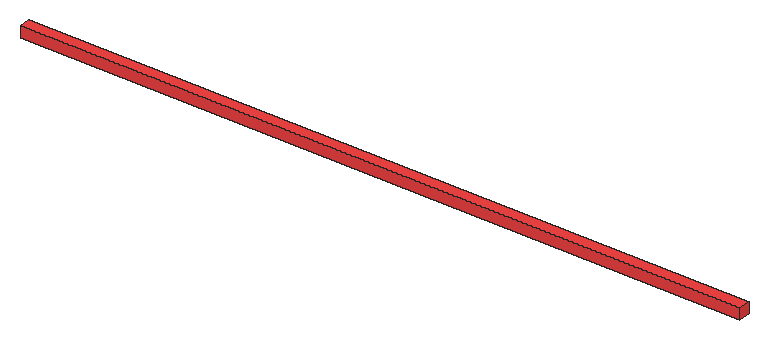
Revit family "VFB_FF108_Linear Gap Seals", category Specialty Equipment, Revit 2015
Parameters (values of type "15x15 - 1 SEAL")
  Youtube Clip = "https://www.youtube.com/watch?v=paAjfPzfINw"
  Width = 15 mm
  URL = "https://www.tenmat.com/passive-fire-protection/"
  Tenmat Item Number = "I108MP01500015100000"
  Performance = "BS EN 1366-3:2009 & BS 476, ETA-12/0332, 1224-CPR-0341, CE Marked"
  Minimum Gap = "7.5mm"
  Maximum Gap = "13mm"
  Material/Grade = "Intumescent Material"
  Manufacturer = "Tenmat ltd"
  Length_Calc [instance] = if(Length < 1000 mm, if(Length > 1 mm, Length, 1 mm), 1000 mm)  # 1000 mm
  Length [instance] = 1000 mm
  IFC Classification = "Building Element Proxy"
  Gap [instance] = 13 mm
  Fire Rating -Walls = "E240/EI120"
  Fire Rating - Floors = "E240/EI180"
  Description = "FF108 25x20mm Linear Gap Seal - 2 Seals"
  Depth = 15 mm
  2 Seals = no
Types (12, lengths in mm): name | Width | Tenmat Item Number | Minimum Gap | Maximum Gap | Gap | Fire Rating -Walls | Fire Rating - Floors | Description | Depth | 2 Seals
  15x15 - 1 SEAL | 15 | "I108MP01500015100000" | "7.5mm" | "13mm" | 13 | "E240/EI120" | "E240/EI180" | "FF108 25x20mm Linear Gap Seal - 2 Seals" | 15 | no
  25x20 - 1 SEAL | 25 | "I108MP02500020100000" | "13mm" | "22mm" | 22 | "E240/EI30" | "E240/EI30" | "FF108 25x20mm Linear Gap Seal - 1 Seal" | 20 | no
  30x15 - 2 SEALS | 30 | "I108MP03000015100000" | "15mm" | "25mm" | 25 | "E240/EI180" | "E240/EI180" | "FF108 30x15mm Linear Gap Seal - 2 Seals" | 15 | yes
  40x20 - 1 SEAL | 40 | "I108MP04000020100001" | "22mm" | "35mm" | 35 | "E240/EI30" | "E240/EI30" | "FF108 40x20mm Linear Gap Seal - 1 Seal" | 20 | no
  60x40 - 2 SEALS | 60 | "I108MP06000040100000" | "35mm" | "50mm" | 50 | "E240/EI120" | "E240/EI180" | "FF108 60x40mm Linear Gap Seal - 2 Seals" | 40 | yes
  60x45 - 1 SEAL | 60 | "I108MP06000045100001" | "35mm" | "50mm" | 50 | "E240/EI45" | "E240/EI45" | "FF108 60x45mm Linear Gap Seal - 1 Seal" | 45 | no
  85x40 - 2 SEALS | 85 | "I108MP08500040100000" | "50mm" | "70mm" | 70 | "E240/EI120" | "E240/EI180" | "FF108 85x40mm Linear Gap Seal - 2 Seals" | 40 | yes
  85x45 - 1 SEAL | 85 | "I108MP08500045100000" | "50mm" | "70mm" | 70 | "E240/EI45" | "E240/EI45" | "FF108 85x45mm Linear Gap Seal - 1 Seal" | 45 | no
  120x50 - 2 SEALS | 120 | "I108MP12000050100000" | "70mm" | "100mm" | 100 | "E240/EI180" | "E240/EI180" | "FF108 120x50mm Linear Gap Seal - 2 Seals" | 50 | yes
  120x60 - 1 SEAL | 120 | "I108MP12000060100000" | "70mm" | "100mm" | 100 | "E240/EI45" | "E240/EI45" | "FF108 120x60mm Linear Gap Seal - 1 Seal" | 60 | no
  25x20 - 2 SEALS | 25 | "I108MP02500020100000" | "13mm" | "22mm" | 22 | "E240/EI120" | "E240/EI180" | "FF108 25x20mm Linear Gap Seal - 2 Seals" | 20 | yes
  40x20 - 2 SEALS | 40 | "I108MP04000020100001" | "22mm" | "35mm" | 35 | "E240/EI120" | "E240/EI180" | "FF108 40x20mm Linear Gap Seal - 2 Seals" | 20 | yes
Reference planes
  plane 1 "Center (Front/Back)": y = 0
  plane 2: z = 0
  plane 3 "Center (Left/Right)": x = 0
  plane 4: x = -500
  plane 5: y = 7.5
  plane 6: x = 500
  plane 7: y = -7.5
  plane 8: z = 15
  plane 9: z = 28
  plane 10: z = 43
Forms (mm)
  Extrusion 1, solid, material "Tenmat"
    sketch origin (0, 0, 0) x (1, 0, 0) y (0, 1, 0)
      loop
        line (-500, 7.5) -> (-500, -7.5) -> (500, -7.5) -> (500, 7.5) -> (-500, 7.5)
    from 0 to 15
  Extrusion 2, solid, material "Tenmat", visible <- "2 Seals"
    sketch origin (0, 160, 0) x (1, 0, 0) y (0, 1, 0)
      loop
        line (-500, -152.5) -> (-500, -167.5) -> (500, -167.5) -> (500, -152.5) -> (-500, -152.5)
    from 28 to 43
Dimensions and locks
  equal spacing: plane 4, plane 3 "Center (Left/Right)", plane 6
  "Length_Calc": plane 4 to plane 6
  equal spacing: plane 5, plane 1 "Center (Front/Back)", plane 7
  "Width": plane 8 to plane 2
  "Depth": plane 7 to plane 5
  "Gap": plane 9 to plane 8
  "Width": plane 10 to plane 9
  aligned and locked: level to plane 2
  aligned and locked: Extrusion 1 to plane 2
  aligned and locked: plane 8 to Extrusion 1
  aligned and locked: plane 5 to Extrusion 1
  aligned and locked: plane 7 to Extrusion 1
  aligned and locked: Extrusion 1 to plane 6  (x2)
  aligned and locked: Extrusion 1 to plane 4
  aligned and locked: plane 10 to Extrusion 2
  aligned and locked: plane 5 to Extrusion 2
  aligned and locked: plane 7 to Extrusion 2
  aligned and locked: Extrusion 2 to plane 9
Automatic sketch dimensions
  Extrusion 1 sketch curve to plane 4 = 0 mm
  Extrusion 1 sketch curve to plane 6 = 0 mm
  plane 7 to Extrusion 1 sketch curve = 0 mm
  Extrusion 1 sketch curve to plane 5 = 0 mm
  Extrusion 2 sketch curve to plane 4 = 0 mm
  Extrusion 2 sketch curve to plane 6 = 0 mm
  plane 7 to Extrusion 2 sketch curve = 0 mm
  Extrusion 2 sketch curve to plane 5 = 0 mm
